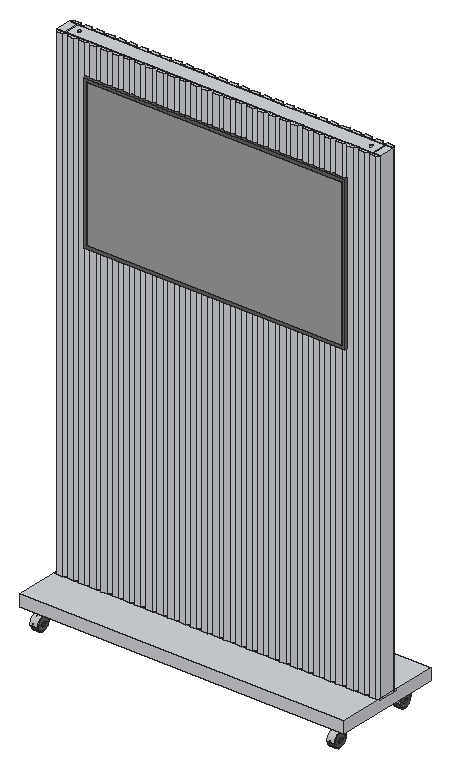
Revit family "ThinkingWall Acoustic AV", category Generic Models, Revit 2023
Family settings
  Can host rebar = No
  Round Connector Dimension = Use Diameter
  Part Type = Normal
  Work Plane-Based = No
  Always vertical = Yes
  Cut with Voids When Loaded = No
  Maintain Annotation Orientation = No
  Shared = No
  Room Calculation Point = No
Parameters (values of type "ThinkingWall® Acoustic AV 1200 Acoustic to both sides")
  Whiteboard = no
  URL = "https://www.logovisual.com/product/whiteboards/thinkingwall/acoustics/thinkingwall-mobile-acoustic-av/"
  TV Width = 965 mm
  TV Height = 565 mm
  Steel Colour = none
  Plug = yes
  Plinth Colour = none
  Panel = yes
  No of Slat = Length / 41.4 mm  # 29
  Model = "ThinkingWall® Acoustic AV"
  Manufacturer = "Logovisual LTD"
  Mains or Battery = ""
  Length = 1200 mm
  Description = "Mobile freestanding acoustic AV unit. Part of the ThinkingWall® range for flexible breakout and meeting spaces."
  Default Elevation = 0 mm
  Acoustic Colour = none
Types (6, lengths in mm): name | Whiteboard | TV Width | TV Height | Panel | No of Slat | Length
  ThinkingWall® Acoustic AV 1200 Whiteboard to other side | yes | 965 | 565 | no | 29 | 1200
  ThinkingWall® Acoustic AV 1500 Whiteboard to other side | yes | 1230 | 720 | no | 36 | 1500
  ThinkingWall® Acoustic AV 1800 Whiteboard to other side | yes | 1230 | 720 | no | 43 | 1800
  ThinkingWall® Acoustic AV 1200 Acoustic to both sides | no | 965 | 565 | yes | 29 | 1200
  ThinkingWall® Acoustic AV 1500 Acoustic to both sides | no | 1230 | 720 | yes | 36 | 1500
  ThinkingWall® Acoustic AV 1800 Acoustic to both sides | no | 1230 | 720 | yes | 43 | 1800
Reference planes
  plane 1 "Center (Front/Back)": y = 0
  plane 2: z = 0
  plane 3 "Center (Left/Right)": x = 0
  plane 4: y = 200
  plane 5: x = 1200
  plane 6: y = -200
  plane 7: x = 600
  plane 8: z = 71.5
  plane 9 "a": z = 114.5
  plane 10: x = 30
  plane 11: x = 1170
  plane 12: z = 1914.5
  plane 13: y = 30
  plane 14: y = -30
  plane 15: x = 595
  plane 16: x = 605
  plane 17: y = -183
  plane 18: y = 182
  plane 19: z = 1804.5
  plane 20: y = 47.5
  plane 21: y = -42
  plane 22: y = 40
  plane 23: y = -40
  plane 24 "b": z = 109.5
  plane 25: x = 1130
Forms (mm)
  Extrusion 1, solid, material <- "Plinth Colour"
    sketch origin (-511.407, -1524, 71.5) x (-1, 0, 0) y (0, -1, 0)
      loop
        line (-511.407, -1724) -> (-511.407, -1324) -> (-1711.407, -1324) -> (-1711.407, -1724) -> (-511.407, -1724)
    from 0 to 43
  Extrusion 2, solid, material <- "Steel Colour"
    sketch origin (-511.407, -1524, 114.5) x (-1, 0, 0) y (0, -1, 0)
      loop
        line (-511.407, -1554) -> (-511.407, -1494) -> (-541.407, -1494) -> (-541.407, -1554) -> (-511.407, -1554)
      loop
        line (-1681.407, -1554) -> (-1681.407, -1494) -> (-1711.407, -1494) -> (-1711.407, -1554) -> (-1681.407, -1554)
    from 0 to 1800
  Extrusion 3, solid, material "Laminate, White", visible <- "Whiteboard"
    sketch origin (-511.407, -1524, 114.5) x (-1, 0, 0) y (0, -1, 0)
      loop
        line (-511.407, -1571.5) -> (-511.407, -1554) -> (-1711.407, -1554) -> (-1711.407, -1571.5) -> (-511.407, -1571.5)
    from 0 to 1800
  Extrusion 4, solid, material <- "Steel Colour"
    sketch origin (-908.752, -1524, 1914.5) x (-1, 0, 0) y (0, -1, 0)
      loop
        line (-938.752, -1554) -> (-938.752, -1494) -> (-2078.752, -1494) -> (-2078.752, -1554) -> (-938.752, -1554)
    from -18 to 0
  Extrusion 5, solid
    sketch origin (-908.752, -1524, 1914.5) x (-1, 0, 0) y (0, -1, 0)
      loop
        circle (-968.752, -1524) r 5
      loop
        circle (-2048.752, -1524) r 5
    from 0 to 1
  Extrusion 6, solid
    sketch origin (0, 0, 0) x (0, 1, 0) y (0, 0, 1)
      loop
        line (40, 114.5) -> (-40, 114.5) -> (-40, 109.5) -> (40, 109.5) -> (40, 114.5)
    from 0 to 1200
Dimensions and locks
  equal spacing: plane 4, plane 1 "Center (Front/Back)", plane 6
  plane 4 to plane 6 = 400 mm
  "Length": plane 3 "Center (Left/Right)" to plane 5
  locked: plane 3 "Center (Left/Right)" to nested 1 at 50
  locked: plane 4 to nested 1 at 50
  equal spacing: plane 3 "Center (Left/Right)", plane 7, plane 5
  locked: plane 4 to nested 2 at 50
  locked: nested 2 to plane 5 at 50
  locked: nested 4 to plane 5 at 50
  locked: plane 3 "Center (Left/Right)" to nested 3 at 50
  locked: plane 6 to nested 3 at 50
  locked: plane 6 to nested 4 at 50
  locked: plane 8 to level at 71.5
  plane 9 "a" to plane 8 = 43 mm
  locked: plane 3 "Center (Left/Right)" to plane 10 at 30
  locked: plane 11 to plane 5 at 30
  plane 12 to level = 1914.5 mm
  equal spacing: plane 13, plane 1 "Center (Front/Back)", plane 14
  locked: plane 13 to plane 14 at 60
  locked: plane 4 to plane 18 at 18
  locked: plane 6 to plane 17 at 17
  equal spacing: plane 15, plane 7, plane 16
  locked: plane 15 to plane 16 at 10
  plane 12 to plane 9 "a" = 1800 mm
  locked: plane 12 to plane 19 at 110
  equal spacing: group 1, group 3, group 4, group 5, group 6, group 7, group 8, group 9, group 10, group 11, group 12, group 13, group 14, group 15, group 16, group 17, group 18, group 19, group 20, group 21, group 22, group 23, group 24, group 25, group 26, group 27, group 28, group 29, group 2  (x3)
  locked: plane 20 to plane 13 at 17.5
  locked: plane 21 to plane 14 at 12
  equal spacing: plane 22, plane 1 "Center (Front/Back)", plane 23
  locked: plane 9 "a" to plane 24 "b" at 5
  locked: plane 5 to plane 25 at 70
  equal spacing: group 31, group 58, group 57, group 56, group 55, group 54, group 53, group 52, group 51, group 50, group 49, group 48, group 47, group 46, group 45, group 44, group 43, group 42, group 41, group 40, group 39, group 38, group 37, group 36, group 35, group 34, group 33, group 32, group 30
  equal spacing: group 30, group 32, group 33, group 34, group 35, group 36, group 37, group 38, group 39, group 40, group 41, group 42, group 43, group 44, group 45, group 46, group 47, group 48, group 49, group 50, group 51, group 52, group 53, group 54, group 55, group 56, group 57, group 58, group 31  (x2)
  locked: plane 5 to nested 35 at 70
  locked: plane 9 "a" to nested 35 at 62
  aligned and locked: level to plane 2
  aligned and locked: Extrusion 1 sketch curve to plane 4
  aligned and locked: plane 3 "Center (Left/Right)" to Extrusion 1 sketch curve
  aligned and locked: Extrusion 1 sketch curve to plane 6
  aligned and locked: Extrusion 1 sketch curve to plane 5
  aligned and locked: Extrusion 1 to plane 8
  aligned and locked: Extrusion 1 to plane 9 "a"
  aligned and locked: Extrusion 2 sketch curve to plane 13  (x2)
  aligned and locked: plane 3 "Center (Left/Right)" to Extrusion 2 sketch curve
  aligned and locked: Extrusion 2 sketch curve to plane 14  (x2)
  aligned and locked: Extrusion 2 sketch curve to plane 10
  aligned and locked: Extrusion 2 sketch curve to plane 11
  aligned and locked: Extrusion 2 sketch curve to plane 5
  aligned and locked: Extrusion 2 to plane 9 "a"
  aligned and locked: plane 12 to Extrusion 2
  aligned and locked: nested 5 to plane 9 "a"
  aligned and locked: plane 9 "a" to nested 6
  aligned and locked: plane 14 to nested 6
  aligned and locked: plane 14 to nested 5
  aligned and locked: Extrusion 3 sketch curve to plane 20
  aligned and locked: plane 3 "Center (Left/Right)" to Extrusion 3 sketch curve
  aligned and locked: Extrusion 3 sketch curve to Extrusion 2  (x2)
  aligned and locked: Extrusion 3 to plane 9 "a"
  aligned and locked: plane 12 to Extrusion 3
  aligned and locked: plane 3 "Center (Left/Right)" to nested 5
  aligned and locked: nested 6 to plane 5
  aligned and locked: plane 7 to nested 34
  aligned and locked: plane 21 to nested 34
  aligned and locked: plane 19 to nested 34
  aligned and locked: plane 12 to Extrusion 4
  aligned and locked: plane 9 "a" to Extrusion 6 sketch curve
  aligned and locked: plane 22 to Extrusion 6 sketch curve
  aligned and locked: Extrusion 6 sketch curve to plane 24 "b"
  aligned and locked: plane 23 to Extrusion 6 sketch curve
  aligned and locked: Extrusion 6 to plane 3 "Center (Left/Right)"
  aligned and locked: plane 5 to Extrusion 6
  aligned and locked: nested 35 to plane 25
  aligned and locked: nested 35 to plane 20
  aligned and locked: nested 36 to plane 5
  aligned and locked: plane 3 "Center (Left/Right)" to nested 37
  aligned and locked: nested 36 to plane 9 "a"
  aligned and locked: nested 37 to plane 9 "a"
  aligned and locked: plane 13 to nested 37
  aligned and locked: plane 13 to nested 36
Automatic sketch dimensions
  Extrusion 5 sketch curve to Extrusion 4 = 30 mm  (x4)
  Extrusion 4 sketch curve to plane 11 = 0 mm
  Extrusion 4 sketch curve to plane 10 = 0 mm
  Extrusion 4 sketch curve to plane 13 = 0 mm
  plane 14 to Extrusion 4 sketch curve = 0 mm
  radius of Extrusion 5 sketch curve = 5 mm  (x2)
Nested families
  nested 1: "50mm_Caster_Wheel 2" at (50, 150, 0) x (0, 1, 0) z (0, 0, 1), type "50mm_Caster_Wheel 2"
  nested 2: "50mm_Caster_Wheel 2" at (1150, 150, 0) x (0, 1, 0) z (0, 0, 1), type "50mm_Caster_Wheel 2"
  nested 3: "50mm_Caster_Wheel 2" at (50, -150, 0) x (0, 1, 0) z (0, 0, 1), type "50mm_Caster_Wheel 2"
  nested 4: "50mm_Caster_Wheel 2" at (1150, -150, 0) x (0, 1, 0) z (0, 0, 1), type "50mm_Caster_Wheel 2"
  nested 5: "Panel" at (0, -30, 114.5), type "Panel"
    with Height 1800 mm
  nested 6: "Panel" at (1160, -30, 114.5), type "Panel"
    with Height 1800 mm
  nested 7: "Panel" at (41.429, -30, 114.5), type "Panel"
    with Height 1800 mm
  nested 8: "Panel" at (82.857, -30, 114.5), type "Panel"
    with Height 1800 mm
  nested 9: "Panel" at (124.286, -30, 114.5), type "Panel"
    with Height 1800 mm
  nested 10: "Panel" at (165.714, -30, 114.5), type "Panel"
    with Height 1800 mm
  nested 11: "Panel" at (207.143, -30, 114.5), type "Panel"
    with Height 1800 mm
  nested 12: "Panel" at (248.571, -30, 114.5), type "Panel"
    with Height 1800 mm
  nested 13: "Panel" at (290, -30, 114.5), type "Panel"
    with Height 1800 mm
  nested 14: "Panel" at (331.429, -30, 114.5), type "Panel"
    with Height 1800 mm
  nested 15: "Panel" at (372.857, -30, 114.5), type "Panel"
    with Height 1800 mm
  nested 16: "Panel" at (414.286, -30, 114.5), type "Panel"
    with Height 1800 mm
  nested 17: "Panel" at (455.714, -30, 114.5), type "Panel"
    with Height 1800 mm
  nested 18: "Panel" at (497.143, -30, 114.5), type "Panel"
    with Height 1800 mm
  nested 19: "Panel" at (538.571, -30, 114.5), type "Panel"
    with Height 1800 mm
  nested 20: "Panel" at (580, -30, 114.5), type "Panel"
    with Height 1800 mm
  nested 21: "Panel" at (621.429, -30, 114.5), type "Panel"
    with Height 1800 mm
  nested 22: "Panel" at (662.857, -30, 114.5), type "Panel"
    with Height 1800 mm
  nested 23: "Panel" at (704.286, -30, 114.5), type "Panel"
    with Height 1800 mm
  nested 24: "Panel" at (745.714, -30, 114.5), type "Panel"
    with Height 1800 mm
  nested 25: "Panel" at (787.143, -30, 114.5), type "Panel"
    with Height 1800 mm
  nested 26: "Panel" at (828.571, -30, 114.5), type "Panel"
    with Height 1800 mm
  nested 27: "Panel" at (870, -30, 114.5), type "Panel"
    with Height 1800 mm
  nested 28: "Panel" at (911.429, -30, 114.5), type "Panel"
    with Height 1800 mm
  nested 29: "Panel" at (952.857, -30, 114.5), type "Panel"
    with Height 1800 mm
  nested 30: "Panel" at (994.286, -30, 114.5), type "Panel"
    with Height 1800 mm
  nested 31: "Panel" at (1035.714, -30, 114.5), type "Panel"
    with Height 1800 mm
  nested 32: "Panel" at (1077.143, -30, 114.5), type "Panel"
    with Height 1800 mm
  nested 33: "Panel" at (1118.571, -30, 114.5), type "Panel"
    with Height 1800 mm
  nested 34: "TV" at (600, -42, 1239.5), type "TV"
    with Width 965 mm, Height 565 mm
  nested 35: "Weiland Power Input" at (1130, 48.5, 144.5), visible <- "Plug", type "Weiland Power Input"
  nested 36: "Panel" at (1200, 30, 114.5) x (-1, 0, 0) z (0, 0, 1), visible <- "Panel", type "Panel 2"
    with Height 1800 mm
  nested 37: "Panel" at (40, 30, 114.5) x (-1, 0, 0) z (0, 0, 1), visible <- "Panel", type "Panel 2"
    with Height 1800 mm
  nested 38: "Panel" at (1158.571, 30, 114.5) x (-1, 0, 0) z (0, 0, 1), visible <- "Panel", type "Panel 2"
    with Height 1800 mm
  nested 39: "Panel" at (1117.143, 30, 114.5) x (-1, 0, 0) z (0, 0, 1), visible <- "Panel", type "Panel 2"
    with Height 1800 mm
  nested 40: "Panel" at (1075.714, 30, 114.5) x (-1, 0, 0) z (0, 0, 1), visible <- "Panel", type "Panel 2"
    with Height 1800 mm
  nested 41: "Panel" at (1034.286, 30, 114.5) x (-1, 0, 0) z (0, 0, 1), visible <- "Panel", type "Panel 2"
    with Height 1800 mm
  nested 42: "Panel" at (992.857, 30, 114.5) x (-1, 0, 0) z (0, 0, 1), visible <- "Panel", type "Panel 2"
    with Height 1800 mm
  nested 43: "Panel" at (951.429, 30, 114.5) x (-1, 0, 0) z (0, 0, 1), visible <- "Panel", type "Panel 2"
    with Height 1800 mm
  nested 44: "Panel" at (910, 30, 114.5) x (-1, 0, 0) z (0, 0, 1), visible <- "Panel", type "Panel 2"
    with Height 1800 mm
  nested 45: "Panel" at (868.571, 30, 114.5) x (-1, 0, 0) z (0, 0, 1), visible <- "Panel", type "Panel 2"
    with Height 1800 mm
  nested 46: "Panel" at (827.143, 30, 114.5) x (-1, 0, 0) z (0, 0, 1), visible <- "Panel", type "Panel 2"
    with Height 1800 mm
  nested 47: "Panel" at (785.714, 30, 114.5) x (-1, 0, 0) z (0, 0, 1), visible <- "Panel", type "Panel 2"
    with Height 1800 mm
  nested 48: "Panel" at (744.286, 30, 114.5) x (-1, 0, 0) z (0, 0, 1), visible <- "Panel", type "Panel 2"
    with Height 1800 mm
  nested 49: "Panel" at (702.857, 30, 114.5) x (-1, 0, 0) z (0, 0, 1), visible <- "Panel", type "Panel 2"
    with Height 1800 mm
  nested 50: "Panel" at (661.429, 30, 114.5) x (-1, 0, 0) z (0, 0, 1), visible <- "Panel", type "Panel 2"
    with Height 1800 mm
  nested 51: "Panel" at (620, 30, 114.5) x (-1, 0, 0) z (0, 0, 1), visible <- "Panel", type "Panel 2"
    with Height 1800 mm
  nested 52: "Panel" at (578.571, 30, 114.5) x (-1, 0, 0) z (0, 0, 1), visible <- "Panel", type "Panel 2"
    with Height 1800 mm
  nested 53: "Panel" at (537.143, 30, 114.5) x (-1, 0, 0) z (0, 0, 1), visible <- "Panel", type "Panel 2"
    with Height 1800 mm
  nested 54: "Panel" at (495.714, 30, 114.5) x (-1, 0, 0) z (0, 0, 1), visible <- "Panel", type "Panel 2"
    with Height 1800 mm
  nested 55: "Panel" at (454.286, 30, 114.5) x (-1, 0, 0) z (0, 0, 1), visible <- "Panel", type "Panel 2"
    with Height 1800 mm
  nested 56: "Panel" at (412.857, 30, 114.5) x (-1, 0, 0) z (0, 0, 1), visible <- "Panel", type "Panel 2"
    with Height 1800 mm
  nested 57: "Panel" at (371.429, 30, 114.5) x (-1, 0, 0) z (0, 0, 1), visible <- "Panel", type "Panel 2"
    with Height 1800 mm
  nested 58: "Panel" at (330, 30, 114.5) x (-1, 0, 0) z (0, 0, 1), visible <- "Panel", type "Panel 2"
    with Height 1800 mm
  nested 59: "Panel" at (288.571, 30, 114.5) x (-1, 0, 0) z (0, 0, 1), visible <- "Panel", type "Panel 2"
    with Height 1800 mm
  nested 60: "Panel" at (247.143, 30, 114.5) x (-1, 0, 0) z (0, 0, 1), visible <- "Panel", type "Panel 2"
    with Height 1800 mm
  nested 61: "Panel" at (205.714, 30, 114.5) x (-1, 0, 0) z (0, 0, 1), visible <- "Panel", type "Panel 2"
    with Height 1800 mm
  nested 62: "Panel" at (164.286, 30, 114.5) x (-1, 0, 0) z (0, 0, 1), visible <- "Panel", type "Panel 2"
    with Height 1800 mm
  nested 63: "Panel" at (122.857, 30, 114.5) x (-1, 0, 0) z (0, 0, 1), visible <- "Panel", type "Panel 2"
    with Height 1800 mm
  nested 64: "Panel" at (81.429, 30, 114.5) x (-1, 0, 0) z (0, 0, 1), visible <- "Panel", type "Panel 2"
    with Height 1800 mm
Definition of nested family "50mm_Caster_Wheel 2"
  Parameters (values of type "50mm_Caster_Wheel 2")
    Default Elevation = 0 mm
  Reference planes
    plane 1 "Center (Front/Back)": y = 0
    plane 2: z = 0
    plane 3 "Center (Left/Right)": x = 0
    plane 4 "VWhlCntr": x = -22
    plane 5 "WhlCntr": z = 25
    plane 6: z = 56.73
    plane 7: z = 55.23
  Forms (mm)
    Revolve 1, solid
      sketch origin (0, 0, 25) x (-1, 0, 0) y (0, -1, 0)
        loop
          line (45.5, 13.5) -> (29.872, 13.5) -> (30.032, 14.411)
          arc (30.032, 14.411) -> (29.873, 15.004) -> (29.317, 15.263) r 0.727
          line (29.317, 15.263) -> (22, 15.263) -> (22, 4.169) -> (47, 4.169) -> (47, 12)
          arc (47, 12) -> (46.561, 13.061) -> (45.5, 13.5) r 1.5
        loop
          arc (45.5, -13.5) -> (46.561, -13.061) -> (47, -12) r 1.5
          line (47, -12) -> (47, -4.169) -> (22, -4.169) -> (22, -15.263) -> (29.317, -15.263)
          arc (29.317, -15.263) -> (29.873, -15.004) -> (30.032, -14.411) r 0.727
          line (30.032, -14.411) -> (29.872, -13.5) -> (45.5, -13.5)
        axis (22, 15.263) -> (22, -15.263)
      angle from 0 to 360
    Revolve 2, solid
      sketch origin (0, 0, 25) x (-1, 0, 0) y (0, -1, 0)
        loop
          line (22, 3.174) -> (33.047, 3.174)
          arc (33.047, 3.174) -> (32.755, 3.878) -> (32.052, 4.169) r 0.995
          line (32.052, 4.169) -> (22, 4.169) -> (22, 3.174)
        loop
          line (22, -3.174) -> (22, -4.169) -> (32.052, -4.169)
          arc (32.052, -4.169) -> (32.755, -3.878) -> (33.047, -3.174) r 0.995
          line (33.047, -3.174) -> (22, -3.174)
        axis (22, 4.169) -> (22, -4.169)
      angle from 0 to 360
    Revolve 3, solid
      sketch origin (0, 0, 0) x (1, 0, 0) y (0, 0, 1)
        loop
          line (0, 60) -> (21.525, 60) -> (21.525, 62.198)
          arc (21.525, 62.198) -> (20.577, 63.345) -> (19.43, 64.292) r 7.866
          arc (19.43, 64.292) -> (16.996, 68.264) -> (12.416, 67.416) r 4.113
          line (12.416, 67.416) -> (10, 65) -> (10, 70) -> (0, 70) -> (0, 60)
        axis (0, 60) -> (0, 70)
      angle from 0 to 360
    Extrusion 4, solid
      sketch origin (0, 0, 0) x (1, 0, 0) y (0, 0, 1)
        loop
          circle (-22, 25) r 2.964
      from -12.5 to 12.5
    Extrusion 5, solid
      sketch origin (0, 0, 70) x (1, 0, 0) y (0, 1, 0)
        loop
          line (-25, 25) -> (-25, -25) -> (25, -25) -> (25, 25) -> (-25, 25)
      from 0 to 1.5
    Extrusion 6, solid
      sketch origin (0, 0, 0) x (1, 0, 0) y (0, 0, 1)
        loop
          line (-49.398, 25.312) -> (-47.348, 25.312)
          arc (-47.348, 25.312) -> (-22.059, 50.601) -> (3.229, 25.313) r 25.288
          line (3.229, 25.313) -> (5.279, 25.313)
          arc (5.279, 25.313) -> (-22.059, 52.651) -> (-49.398, 25.312) r 27.339
      from -13.5 to 13.5
    Extrusion 7, solid
      sketch origin (0, 0, 0) x (1, 0, 0) y (0, 0, 1)
        loop
          arc (-22.059, 52.651) -> (-2.728, 44.644) -> (5.279, 25.312) r 27.339
          line (5.279, 25.312) -> (5.279, 60) -> (-22.059, 60) -> (-22.059, 52.651)
      from -13.5 to 13.5
  Dimensions and locks
    plane 3 "Center (Left/Right)" to plane 4 "VWhlCntr" = 22 mm
    Revolve 3 to level = 70 mm
    Revolve 3 to plane 2 = 70 mm
    diameter of Revolve 1 = 50 mm
    aligned and locked: level to plane 2
Definition of nested family "Panel"
  Parameters (values of type "Panel")
    Height = 220 mm
    Default Elevation = 0 mm
    Acoustic Panel = yes
    Acoustic = none
  Types (2): name
    Panel
    Panel 2
  Reference planes
    plane 1 "Center (Front/Back)": y = 0
    plane 2: z = 0
    plane 3 "Center (Left/Right)": x = 0
    plane 4: z = 220
    plane 5: x = 40
    plane 6: y = -12
    plane 7: z = 0
    plane 8: x = 8
    plane 9: x = 32
  Forms (mm)
    Extrusion 1, solid, material <- "Acoustic", visible <- "Acoustic Panel"
      sketch origin (0, 0, 0) x (1, 0, 0) y (0, 1, 0)
        loop
          line (0, 0) -> (8, -12) -> (32, -12) -> (40, 0) -> (0, 0)
      from 0 to 220
  Dimensions and locks
    plane 3 "Center (Left/Right)" to plane 5 = 40 mm
    plane 6 to plane 1 "Center (Front/Back)" = 12 mm  (x2)
    "Height": plane 4 to plane 2
    plane 7 to level = 0 mm
    plane 5 to plane 3 "Center (Left/Right)" = 40 mm
    plane 3 "Center (Left/Right)" to plane 8 = 8 mm
    plane 9 to plane 5 = 8 mm
    aligned and locked: level to plane 2
    aligned and locked: plane 1 "Center (Front/Back)" to Extrusion 1 sketch curve
    aligned and locked: plane 6 to Extrusion 1 sketch curve
    aligned and locked: Extrusion 1 to plane 7
    aligned and locked: plane 4 to Extrusion 1
  Automatic sketch dimensions
    Extrusion 1 sketch curve to plane 3 "Center (Left/Right)" = 0 mm
    Extrusion 1 sketch curve to plane 8 = 0 mm
    Extrusion 1 sketch curve to plane 9 = 0 mm
    Extrusion 1 sketch curve to plane 5 = 0 mm
Definition of nested family "TV"
  Parameters (values of type "TV")
    Width = 1450 mm
    Screen = none
    Height = 830 mm
    Depth = 10 mm
    Default Elevation = 0 mm
    Boarder = 10 mm
  Reference planes
    plane 1 "Center (Front/Back)": y = 0
    plane 2: z = 0
    plane 3 "Center (Left/Right)": x = 0
    plane 4: x = -725
    plane 5: x = 725
    plane 6: z = 830
    plane 7: z = 820
    plane 8: x = -715
    plane 9: x = 715
    plane 10: z = 10
    plane 11: y = -5
    plane 12: y = -10
    plane 13: z = 415
  Forms (mm)
    Extrusion 1, solid
      sketch origin (0, 0, 0) x (1, 0, 0) y (0, 0, 1)
        loop
          line (-725, 830) -> (-725, 0) -> (725, 0) -> (725, 830) -> (-725, 830)
        loop
          line (-715, 820) -> (-715, 10) -> (715, 10) -> (715, 820) -> (-715, 820)
      from 0 to 10
    Extrusion 2, solid
      sketch origin (0, 0, 0) x (1, 0, 0) y (0, 0, 1)
        loop
          line (-715, 820) -> (-715, 10) -> (715, 10) -> (715, 820) -> (-715, 820)
      from 0 to 5
    Extrusion 3, solid, material <- "Screen"
      sketch origin (0, 0, 0) x (1, 0, 0) y (0, 0, 1)
        loop
          line (-715, 820) -> (-715, 10) -> (715, 10) -> (715, 820) -> (-715, 820)
      from 5 to 10
  Dimensions and locks
    equal spacing: plane 5, plane 3 "Center (Left/Right)", plane 4
    "Width": plane 5 to plane 4
    "Height": plane 6 to level
    "Boarder": plane 8 to plane 4
    "Boarder": plane 5 to plane 9
    "Boarder": plane 6 to plane 7
    "Boarder": plane 10 to level
    equal spacing: plane 6, plane 13, level
    equal spacing: plane 1 "Center (Front/Back)", plane 11, plane 12
    "Depth": plane 1 "Center (Front/Back)" to plane 12
    aligned and locked: level to plane 2
    aligned and locked: Extrusion 1 sketch curve to plane 6
    aligned and locked: plane 4 to Extrusion 1 sketch curve
    aligned and locked: plane 2 to Extrusion 1 sketch curve
    aligned and locked: Extrusion 1 sketch curve to plane 5
    aligned and locked: Extrusion 1 sketch curve to plane 7
    aligned and locked: plane 8 to Extrusion 1 sketch curve
    aligned and locked: plane 10 to Extrusion 1 sketch curve
    aligned and locked: Extrusion 1 sketch curve to plane 9
    aligned and locked: Extrusion 2 sketch curve to Extrusion 1  (x4)
    aligned and locked: Extrusion 2 to plane 11
    aligned and locked: Extrusion 2 to plane 1 "Center (Front/Back)"
    aligned and locked: Extrusion 3 sketch curve to Extrusion 2  (x4)
    aligned and locked: plane 11 to Extrusion 3
    aligned and locked: Extrusion 3 to plane 12
    aligned and locked: Extrusion 1 to plane 12
Definition of nested family "Weiland Power Input"
  Parameters (values of type "Weiland Power Input")
    Default Elevation = 0 mm
  Reference planes
    plane 1 "Center (Front/Back)": y = 0
    plane 2: z = 0
    plane 3 "Center (Left/Right)": x = 0
    plane 4: x = -32
    plane 5: z = 64
    plane 6: x = 32
    plane 7: z = 32
  Forms (mm)
    Extrusion 1, solid
      sketch origin (0, 0, -380.527) x (1, 0, 0) y (0, 0, 1)
        loop
          circle (0, 412.527) r 32
      from 0 to 1
  Dimensions and locks
    equal spacing: plane 5, plane 7, level
    aligned and locked: level to plane 2
  Automatic sketch dimensions
    Extrusion 1 sketch curve to Extrusion 1 sketch curve = 0 mm  (x2)
    Extrusion 1 sketch curve to plane 3 "Center (Left/Right)" = 0 mm
    plane 7 to Extrusion 1 sketch curve = 0 mm
    plane 4 to Extrusion 1 sketch curve = 0 mm
